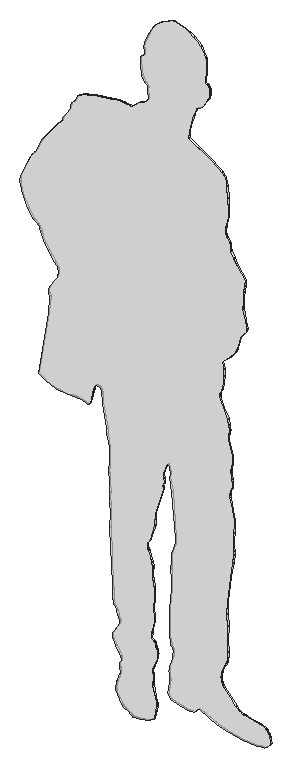
Revit family "Flat Man 25", category Entourage, Revit 2015
Parameters
  Flat Material [instance] = none
  Height = 0 mm
Reference planes
  plane 1 "Center (Front/Back)": y = 0
  plane 2: z = 0
  plane 3 "Center (Left/Right)": x = 0
Forms (mm)
  Extrusion 1, solid, material <- "Flat Material"
    sketch origin (0, 0, 0) x (1, 0, 0) y (0, 0, 1)
      loop
        line (-482.009, 1263.585) -> (-483.192, 1256.37) -> (-483.449, 1249.017) -> (-482.879, 1241.587) -> (-479.657, 1226.744) -> (-474.319, 1212.334) -> (-460.469, 1186.784) -> (-447.677, 1168.883) -> (-445.798, 1166.892) -> (-443.602, 1165.108) -> (-438.694, 1161.867) -> (-433.818, 1158.565) -> (-431.661, 1156.706) -> (-429.836, 1154.607) -> (-427.812, 1151.496) -> (-426.207, 1148.408) -> (-423.806, 1142.121) -> (-419.126, 1127.838) -> (-415.79, 1121.012) -> (-411.668, 1114.423) -> (-403.064, 1101.069) -> (-399.625, 1096.115) -> (-394.719, 1090.169) -> (-383.365, 1076.29) -> (-378.346, 1068.854) -> (-376.315, 1065.121) -> (-374.721, 1061.418) -> (-373.655, 1057.777) -> (-373.347, 1055.989) -> (-373.205, 1054.228) -> (-373.239, 1052.499) -> (-373.461, 1050.804) -> (-373.881, 1049.148) -> (-374.512, 1047.534) -> (-375.196, 1044.622) -> (-376.215, 1041.735) -> (-379.083, 1036.015) -> (-386.923, 1024.653) -> (-395.251, 1013.131) -> (-398.728, 1007.212) -> (-401.284, 1001.134) -> (-401.674, 999.665) -> (-401.901, 998.233) -> (-401.983, 996.841) -> (-401.936, 995.49) -> (-401.527, 992.921) -> (-400.815, 990.544) -> (-397.712, 983.289) -> (-401.284, 940.458) -> (-429.836, 774.499) -> (-425.024, 770.107) -> (-419.601, 766.137) -> (-407.191, 759.424) -> (-393.148, 754.284) -> (-378.014, 750.64) -> (-346.642, 747.539) -> (-331.486, 747.93) -> (-317.408, 749.513) -> (-315.463, 749.7) -> (-313.442, 749.668) -> (-309.244, 749.077) -> (-300.717, 746.679) -> (-292.951, 744.357) -> (-291.26, 744.028) -> (-289.705, 743.863) -> (-286.963, 743.924) -> (-285.029, 745.256) -> (-284.409, 745.778) -> (-283.256, 747.035) -> (-282.206, 748.558) -> (-280.381, 752.297) -> (-278.855, 756.802) -> (-274.151, 778.568) -> (-271.527, 788.966) -> (-269.869, 793.361) -> (-268.919, 795.271) -> (-267.875, 796.958) -> (-266.727, 798.397) -> (-265.465, 799.564) -> (-264.788, 800.038) -> (-264.079, 800.434) -> (-263.337, 800.75) -> (-262.56, 800.983) -> (-261.747, 801.129) -> (-260.897, 801.186) -> (-260.008, 801.151) -> (-259.08, 801.019) -> (-257.1, 800.458) -> (-254.946, 799.478) -> (-253.925, 798.937) -> (-253.003, 798.309) -> (-252.174, 797.599) -> (-251.433, 796.812) -> (-250.775, 795.95) -> (-250.196, 795.02) -> (-249.252, 792.967) -> (-248.559, 790.687) -> (-248.078, 788.213) -> (-247.59, 782.819) -> (-247.377, 771.187) -> (-247.006, 765.487) -> (-246.029, 760.223) -> (-233.539, 699.54) -> (-233.539, 685.271) -> (-229.449, 668.199) -> (-226.786, 648.746) -> (-225.713, 629.263) -> (-226.394, 612.106) -> (-228.196, 600.622) -> (-228.761, 593.693) -> (-228.657, 590.308) -> (-228.18, 587.119) -> (-226.435, 574.896) -> (-225.8, 561.872) -> (-224.608, 538.94) -> (-226.394, 526.443) -> (-224.445, 508.551) -> (-224.278, 488.864) -> (-224.608, 449.712) -> (-217.477, 303.373) -> (-216.75, 292.94) -> (-216.819, 280.337) -> (-216.323, 267.208) -> (-215.439, 260.959) -> (-213.904, 255.194) -> (-213.593, 254.452) -> (-213.187, 253.698) -> (-212.14, 252.164) -> (-209.491, 249.019) -> (-206.818, 245.837) -> (-205.741, 244.257) -> (-205.314, 243.474) -> (-204.98, 242.697) -> (-201.85, 229.501) -> (-201.115, 226.808) -> (-200.03, 224.272) -> (-199.297, 223.049) -> (-198.407, 221.849) -> (-197.337, 220.667) -> (-196.063, 219.497) -> (-196.559, 215.973) -> (-197.339, 212.74) -> (-198.367, 209.763) -> (-199.604, 207.008) -> (-202.564, 202.02) -> (-205.923, 197.498) -> (-212.666, 188.727) -> (-215.46, 183.919) -> (-216.584, 181.287) -> (-217.477, 178.456) -> (-217.812, 176.823) -> (-217.981, 175.159) -> (-217.861, 171.748) -> (-217.192, 168.242) -> (-216.048, 164.66) -> (-212.636, 157.353) -> (-208.223, 149.986) -> (-198.777, 135.717) -> (-194.941, 129.136) -> (-193.505, 126.055) -> (-191.768, 121.06) -> (-191.946, 119.952) -> (-192.24, 118.976) -> (-192.655, 117.948) -> (-193.745, 115.779) -> (-196.255, 111.269) -> (-197.266, 109.09) -> (-197.621, 108.055) -> (-197.842, 107.069) -> (-197.932, 105.963) -> (-197.897, 104.736) -> (-197.538, 101.972) -> (-196.249, 95.562) -> (-195.311, 88.661) -> (-195.393, 85.283) -> (-195.644, 83.657) -> (-196.063, 82.09) -> (-205.226, 59.841) -> (-207.145, 53.243) -> (-208.259, 46.377) -> (-208.413, 42.865) -> (-208.242, 39.313) -> (-207.707, 35.73) -> (-206.767, 32.124) -> (-205.516, 29.309) -> (-203.269, 25.252) -> (-196.965, 15.21) -> (-190.208, 5.594) -> (-187.396, 2.07) -> (-186.26, 0.825) -> (-185.353, 0) -> (-181.977, -2.264) -> (-178.452, -4.152) -> (-171.271, -7.403) -> (-164.439, -10.968) -> (-161.351, -13.248) -> (-158.587, -16.062) -> (-138.845, -15.101) -> (-123.405, -12.105) -> (-110.387, -7.072) -> (-97.911, 0) -> (-92.272, 21.708) -> (-90.28, 34.768) -> (-90.123, 40.898) -> (-90.333, 43.745) -> (-90.766, 46.4) -> (-101.476, 85.655) -> (-101.79, 89.093) -> (-101.667, 92.645) -> (-100.677, 99.81) -> (-99.641, 106.591) -> (-99.462, 109.662) -> (-99.519, 111.088) -> (-99.749, 112.812) -> (-100.509, 114.156) -> (-101.878, 116.304) -> (-102.536, 117.496) -> (-103.595, 120.076) -> (-102.517, 124.211) -> (-101.385, 127.408) -> (-98.297, 134.659) -> (-91.223, 151.484) -> (-88.599, 160.428) -> (-87.813, 164.894) -> (-87.492, 169.304) -> (-87.721, 173.619) -> (-88.585, 177.798) -> (-89.282, 179.825) -> (-90.17, 181.803) -> (-91.259, 183.728) -> (-92.559, 185.594) -> (-92.857, 189.656) -> (-93.585, 193.046) -> (-94.099, 194.523) -> (-94.708, 195.871) -> (-95.407, 197.105) -> (-96.192, 198.237) -> (-98.002, 200.248) -> (-100.104, 202.012) -> (-105.042, 205.221) -> (-104.099, 217.629) -> (-102.108, 228.514) -> (-97.911, 248.049) -> (-97.382, 255.952) -> (-97.679, 265.064) -> (-99.697, 281.96) -> (-99.984, 284.515) -> (-100.006, 287.247) -> (-99.494, 292.827) -> (-97.911, 301.594) -> (-96.866, 315.877) -> (-97.533, 333.082) -> (-101.476, 362.263) -> (-102.173, 366.394) -> (-102.422, 370.59) -> (-102.072, 378.854) -> (-101.424, 386.407) -> (-101.3, 389.714) -> (-101.476, 392.601) -> (-103.812, 401.737) -> (-108.318, 415.453) -> (-113.419, 428.896) -> (-115.7, 434) -> (-116.687, 435.881) -> (-117.539, 437.215) -> (-117.086, 441.578) -> (-116.33, 444.972) -> (-115.329, 447.641) -> (-114.139, 449.828) -> (-111.416, 453.731) -> (-109.997, 455.934) -> (-108.614, 458.629) -> (-96.125, 499.67) -> (-94.339, 530.008) -> (-71.138, 601.395) -> (-70.686, 603.352) -> (-71.186, 605.567) -> (-71.609, 606.678) -> (-72.522, 608.613) -> (-73.251, 610.653) -> (-71.191, 613.345) -> (-69.421, 615.348) -> (-69.028, 617.394) -> (-68.866, 619.101) -> (-68.955, 622.47) -> (-70.123, 629.102) -> (-71.355, 635.709) -> (-71.522, 639.049) -> (-71.411, 640.736) -> (-71.138, 642.436) -> (-70.253, 645.629) -> (-69.019, 648.824) -> (-65.946, 655.302) -> (-62.792, 662.041) -> (-61.456, 665.561) -> (-60.428, 669.209) -> (-56.863, 669.209) -> (-53.68, 659.585) -> (-51.511, 649.574) -> (-53.297, 638.871) -> (-46.486, 601.405) -> (-37.235, 485.394) -> (-36.842, 481.729) -> (-36.862, 478.216) -> (-37.236, 474.832) -> (-37.906, 471.553) -> (-42.391, 459.02) -> (-46.975, 446.29) -> (-48.144, 439.38) -> (-48.245, 435.707) -> (-47.946, 431.856) -> (-47.859, 429.351) -> (-48.074, 426.137) -> (-48.983, 418.393) -> (-49.819, 410.244) -> (-49.941, 406.524) -> (-49.725, 403.312) -> (-47.934, 378.747) -> (-48.653, 352.522) -> (-53.297, 299.808) -> (-54.766, 253.119) -> (-53.417, 226.954) -> (-51.909, 215.824) -> (-49.655, 206.726) -> (-48.733, 205.467) -> (-47.025, 203.438) -> (-45.329, 201.41) -> (-44.445, 200.173) -> (-43.673, 196.911) -> (-43.296, 193.813) -> (-43.375, 187.308) -> (-44.345, 180.585) -> (-45.942, 173.872) -> (-53.297, 151.683) -> (-54.415, 146.44) -> (-54.819, 141.093) -> (-54.272, 130.359) -> (-53.238, 120.027) -> (-53.032, 115.182) -> (-53.297, 110.642) -> (-58.649, 78.525) -> (-56.511, 76.188) -> (-54.652, 73.597) -> (-51.511, 67.814) -> (-20.323, 59.164) -> (-2.055, 55.942) -> (5.436, 55.804) -> (8.482, 56.253) -> (9.794, 56.625) -> (10.952, 57.104) -> (15.543, 57.747) -> (17.294, 58.255) -> (18.746, 58.87) -> (19.948, 59.578) -> (20.949, 60.364) -> (21.797, 61.216) -> (22.541, 62.12) -> (25.448, 65.984) -> (26.4, 66.944) -> (27.541, 67.875) -> (28.917, 68.762) -> (32.936, 70.772) -> (35.931, 69.593) -> (85.896, 48.187) -> (116.532, 40.553) -> (156.571, 34.534) -> (196.073, 33.109) -> (212.516, 35.049) -> (219.367, 36.846) -> (225.097, 39.255) -> (226.868, 40.416) -> (228.488, 41.857) -> (231.458, 45.247) -> (234.369, 48.766) -> (235.917, 50.367) -> (237.587, 51.752) -> (236.648, 61.445) -> (234.742, 69.528) -> (233.451, 73.016) -> (231.948, 76.163) -> (230.241, 78.99) -> (228.341, 81.516) -> (226.258, 83.762) -> (224.002, 85.75) -> (221.581, 87.498) -> (219.006, 89.028) -> (213.433, 91.514) -> (207.361, 93.372) -> (179.633, 97.803) -> (164.797, 100.509) -> (157.409, 102.558) -> (150.145, 105.29) -> (147.822, 106.58) -> (144.923, 108.64) -> (137.772, 114.666) -> (120.699, 131.56) -> (104.965, 149.595) -> (99.487, 157.047) -> (97.675, 160.034) -> (97.042, 161.298) -> (96.607, 162.394) -> (95.453, 166.707) -> (94.829, 170.936) -> (94.68, 175.073) -> (94.95, 179.113) -> (96.529, 186.874) -> (99.126, 194.17) -> (110.883, 217.711) -> (112.839, 224.336) -> (114.048, 231.581) -> (114.73, 246.981) -> (112.669, 274.822) -> (114.455, 312.298) -> (111.793, 342.586) -> (112.831, 375.428) -> (121.593, 440.78) -> (128.41, 479.768) -> (130.953, 502.691) -> (131.218, 512.775) -> (130.51, 521.091) -> (129.817, 528.926) -> (130.009, 538.015) -> (131.675, 558.83) -> (132.758, 581.299) -> (132.223, 592.454) -> (130.51, 603.181) -> (123.528, 630.342) -> (120.3, 645.967) -> (119.592, 652.244) -> (119.569, 654.744) -> (119.653, 655.802) -> (119.807, 656.719) -> (121.191, 660.718) -> (123.4, 665.782) -> (125.598, 670.774) -> (126.945, 674.561) -> (127.383, 677.064) -> (127.589, 679.639) -> (127.429, 684.949) -> (125.68, 695.834) -> (123.671, 706.343) -> (123.184, 711.186) -> (123.179, 713.457) -> (123.372, 715.609) -> (126.57, 736.509) -> (127.547, 747.725) -> (127.498, 752.606) -> (126.945, 756.651) -> (116.234, 794.127) -> (115.849, 797.412) -> (115.97, 800.749) -> (117.193, 807.382) -> (118.83, 813.634) -> (119.468, 816.495) -> (119.82, 819.215) -> (119.652, 820.419) -> (119.19, 823.197) -> (117.668, 831.39) -> (114.455, 845.879) -> (102.122, 871.646) -> (95.714, 884.472) -> (93.142, 890.993) -> (91.255, 897.63) -> (90.984, 899.203) -> (90.874, 900.675) -> (90.91, 902.055) -> (91.073, 903.351) -> (91.71, 905.727) -> (92.648, 907.87) -> (94.865, 911.73) -> (95.865, 913.583) -> (96.607, 915.475) -> (100.61, 933.016) -> (102.771, 952.28) -> (102.296, 970.987) -> (100.823, 979.419) -> (98.393, 986.858) -> (119.614, 1006.456) -> (130.392, 1017.809) -> (134.631, 1023.121) -> (137.648, 1027.903) -> (141.606, 1037.454) -> (144.341, 1047.137) -> (150.145, 1067.162) -> (150.884, 1068.79) -> (151.799, 1070.386) -> (154.049, 1073.503) -> (159.475, 1079.569) -> (164.696, 1085.679) -> (166.691, 1088.849) -> (167.439, 1090.48) -> (167.986, 1092.148) -> (168.354, 1094.428) -> (168.425, 1097.147) -> (167.811, 1103.634) -> (164.517, 1118.936) -> (157.283, 1143.9) -> (157.102, 1144.8) -> (157.016, 1145.716) -> (157.082, 1147.569) -> (157.828, 1151.166) -> (158.747, 1154.252) -> (159.119, 1155.842) -> (158.3, 1164.901) -> (158.493, 1173.128) -> (160.662, 1189.149) -> (163.373, 1205.297) -> (164.421, 1222.418) -> (152.782, 1234.837) -> (141.307, 1249.704) -> (131.127, 1265.651) -> (123.372, 1281.307) -> (122.461, 1284.059) -> (122.004, 1286.576) -> (121.937, 1291.078) -> (122.142, 1295.157) -> (122.026, 1297.145) -> (121.857, 1298.145) -> (121.593, 1299.156) -> (121.133, 1300.406) -> (120.546, 1301.651) -> (119.062, 1304.126) -> (115.362, 1309.035) -> (111.654, 1313.911) -> (110.159, 1316.346) -> (109.564, 1317.564) -> (109.096, 1318.783) -> (108.345, 1321.668) -> (107.914, 1324.663) -> (107.875, 1330.902) -> (108.705, 1337.342) -> (110.127, 1343.823) -> (116.234, 1366.97) -> (116.475, 1373.52) -> (116.135, 1384.543) -> (114.099, 1414.2) -> (110.901, 1444.334) -> (109.109, 1455.952) -> (107.317, 1463.336) -> (106.327, 1465.538) -> (104.979, 1467.763) -> (101.298, 1472.265) -> (96.44, 1476.819) -> (90.573, 1481.398) -> (60.335, 1499.481) -> (2.027, 1529.363) -> (2.707, 1545.707) -> (5.688, 1561.959) -> (16.303, 1595.391) -> (17.428, 1598.004) -> (18.719, 1600.353) -> (21.461, 1604.823) -> (22.744, 1607.227) -> (23.855, 1609.931) -> (24.711, 1613.077) -> (25.227, 1616.805) -> (29.312, 1617.537) -> (32.51, 1618.551) -> (33.891, 1619.222) -> (35.189, 1620.032) -> (37.176, 1621.705) -> (39.147, 1622.96) -> (40.762, 1624.298) -> (44.402, 1628.318) -> (52.321, 1639.825) -> (59.184, 1652.314) -> (61.505, 1657.562) -> (62.262, 1659.699) -> (62.703, 1661.419) -> (62.879, 1663.189) -> (62.847, 1665.114) -> (62.477, 1669.258) -> (62.22, 1673.497) -> (62.33, 1675.543) -> (62.703, 1677.481) -> (61.136, 1679.359) -> (59.968, 1681.097) -> (58.032, 1684.128) -> (57.486, 1684.787) -> (56.867, 1685.405) -> (56.149, 1685.98) -> (55.307, 1686.512) -> (54.317, 1687) -> (53.153, 1687.442) -> (50.207, 1688.188) -> (52.32, 1724.389) -> (52.469, 1742.408) -> (51.724, 1749.963) -> (51.073, 1753.197) -> (50.207, 1756.002) -> (44.308, 1768.219) -> (36.627, 1778.949) -> (27.335, 1788.273) -> (16.606, 1796.273) -> (4.611, 1803.032) -> (-8.475, 1808.631) -> (-37.235, 1816.675) -> (-39.19, 1816.98) -> (-41.004, 1817.088) -> (-42.691, 1817.02) -> (-44.262, 1816.795) -> (-45.731, 1816.436) -> (-47.109, 1815.963) -> (-49.644, 1814.758) -> (-54.175, 1811.895) -> (-56.369, 1810.569) -> (-58.649, 1809.537) -> (-69.836, 1805.105) -> (-79.283, 1800.278) -> (-87.281, 1794.898) -> (-94.122, 1788.808) -> (-100.098, 1781.852) -> (-105.5, 1773.872) -> (-115.752, 1754.216) -> (-124.681, 1735.826) -> (-126.626, 1730.195) -> (-127.792, 1724.668) -> (-127.98, 1722.023) -> (-127.848, 1719.502) -> (-127.356, 1717.136) -> (-126.962, 1716.021) -> (-126.463, 1714.957) -> (-126.252, 1705.732) -> (-126.612, 1702.493) -> (-126.954, 1701.145) -> (-127.42, 1699.953) -> (-128.023, 1698.895) -> (-128.776, 1697.95) -> (-129.692, 1697.099) -> (-130.784, 1696.322) -> (-133.547, 1694.906) -> (-137.166, 1693.54) -> (-137.277, 1677.233) -> (-135.981, 1661.105) -> (-134.594, 1653.381) -> (-132.602, 1646.027) -> (-129.92, 1639.153) -> (-126.463, 1632.867) -> (-125.318, 1631.394) -> (-123.912, 1629.967) -> (-120.729, 1627.107) -> (-117.735, 1624.003) -> (-116.566, 1622.272) -> (-116.108, 1621.346) -> (-115.357, 1619.294) -> (-115.92, 1616.804) -> (-116.307, 1615.689) -> (-117.132, 1613.938) -> (-117.539, 1613.236) -> (-117.03, 1608.699) -> (-115.884, 1602.951) -> (-114.674, 1597.884) -> (-113.973, 1595.391) -> (-114.447, 1592.775) -> (-115.156, 1590.468) -> (-116.083, 1588.44) -> (-117.206, 1586.661) -> (-118.508, 1585.102) -> (-119.967, 1583.733) -> (-123.282, 1581.447) -> (-138.952, 1573.977) -> (-141.683, 1572.028) -> (-144.372, 1569.621) -> (-149.804, 1564.188) -> (-155.61, 1559.188) -> (-158.767, 1557.321) -> (-160.428, 1556.629) -> (-162.153, 1556.129) -> (-166.964, 1555.511) -> (-172.483, 1555.497) -> (-184.921, 1556.427) -> (-198.02, 1557.208) -> (-204.364, 1557.008) -> (-210.332, 1556.129) -> (-264.047, 1547.194) -> (-290.598, 1541.142) -> (-302.777, 1536.772) -> (-313.836, 1531.146) -> (-314.877, 1530.422) -> (-315.816, 1529.596) -> (-316.663, 1528.678) -> (-317.429, 1527.679) -> (-318.769, 1525.481) -> (-319.925, 1523.089) -> (-324.546, 1513.301) -> (-325.593, 1511.974) -> (-326.911, 1510.647) -> (-329.986, 1507.986) -> (-333.018, 1505.306) -> (-334.284, 1503.955) -> (-335.257, 1502.594) -> (-336.424, 1500.304) -> (-337.221, 1498.163) -> (-338.16, 1494.065) -> (-338.985, 1489.77) -> (-340.608, 1484.75) -> (-342.371, 1481.223) -> (-344.599, 1477.745) -> (-349.916, 1470.941) -> (-360.236, 1457.98) -> (-362.022, 1449.056) -> (-363.173, 1447.398) -> (-364.628, 1445.789) -> (-368.079, 1442.678) -> (-371.624, 1439.633) -> (-373.197, 1438.108) -> (-374.512, 1436.567) -> (-413.774, 1388.384) -> (-420.885, 1378.561) -> (-426.398, 1368.147) -> (-436.974, 1345.552) -> (-438.6, 1342.855) -> (-440.56, 1340.178) -> (-445.034, 1334.86) -> (-449.494, 1329.534) -> (-451.436, 1326.849) -> (-453.036, 1324.139) -> (-479.802, 1270.6) -> (-482.009, 1263.585)
    from -2.5 to 2.5
Lines and regions (mm)
  model lines
    curve 1: line (-150, 0, 0) -> (150, 0, 0)
    curve 2: line (0, -150, 0) -> (0, 150, 0)
Dimensions and locks
  aligned and locked: level to plane 2
